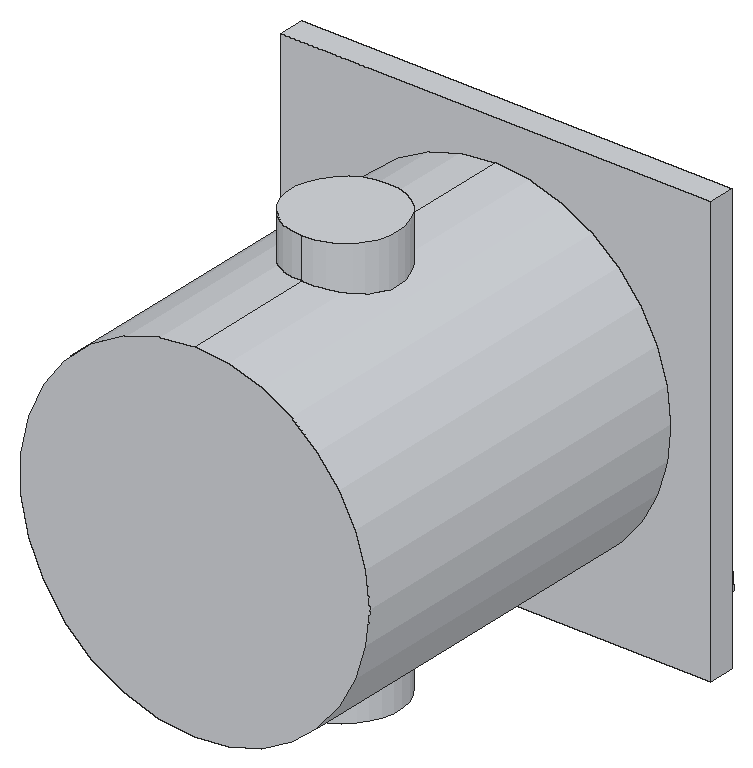
Revit family "NRG_Anzeigeeinheit_V1700", category Notrufgeräte, Revit 2017
Family settings
  Beschriftungsausrichtung beibehalten = Nein
  Bemaßung runder Anschluss = Durchmesser verwenden
  Teiletyp = Schalter
  OmniClass-Nummer = 23.85.50.00
  OmniClass-Titel = Communication Systems
  Arbeitsebenenbasiert = Nein
  Immer vertikal = Ja
  Beim Laden mit Abzugskörper schneiden = Nein
  Gemeinsam genutzt = Nein
  Raumberechnungspunkt = Nein
Parameters (values of type "Zimmersignalleuchte")
  pbr_Material_KZ = ""
  pbr_Material = none
  pbr_E_Typ = ""
  pbr_E_KZ = ""
  pbr_DINBild = 0
  pbr_Bild = 0
  pbr_3Dx_Delta_Korrekturversatz [instance] = 0 mm
  pbr_3DX_Versatzfaktor [instance] = 0
  pbr_2DY_Versatzfaktor [instance] = 0
  pbr_2DX_Versatzfaktor [instance] = 0
  lfd_STRK [instance] = 0
  cpiFitMatchKey [instance] = "E-DS"
  Zimmerterminal = yes
  Zentrale [instance] = ""
  Typ [instance] = ""
  Text3 [instance] = ""
  Text2 [instance] = ""
  Text1 [instance] = ""
  Schaltgruppe2 [instance] = 0
  Schaltgruppe1 [instance] = 0
  Planungsbüro Rohling = "www.pbr.de"
  Notrufanzeige = no
  Netzart = ""
  Menge(Dosenzahl) [instance] = 0
  Linie/Anschluss [instance] = ""
  Lastklassifizierung = none
  Installationsart [instance] = ""
  Info [instance] = ""
  IFC = ""
  Gruppensignalleuchte = no
  Gewerk [instance] = "SR"
  Elektronikmodul = no
  Eckversatz [instance] = 0 mm
  YFrontversatz [instance] = if(pbr_2DY_Versatzfaktor = 300, 0 mm, pbr_2DY_Versatzfaktor * 300 mm)  # 0 mm
  XSeitenversatz [instance] = if(pbr_2DX_Versatzfaktor = 0, 3000 mm, 3000 mm + (pbr_2DX_Versatzfaktor * 300 mm)) + Eckversatz  # 3000 mm
  R_Leerrohranschluss = 10 mm
  Niveau [instance] = 1100 mm
  Dosentiefe = 70 mm  # constant formula
  Dosenradius = 65 mm / 2  # 32.5 mm
  Display = no
  Dienstzimmeranzeige = no
  D_Leerrohranschluss = 2 * R_Leerrohranschluss  # 20 mm
  Breite = 80 mm
  3DX_Versatzkontrolle [instance] = if(pbr_3DX_Versatzfaktor = 0, (pbr_2DX_Versatzfaktor * -1), (((-1 * pbr_3DX_Versatzfaktor) + pbr_2DX_Versatzfaktor) * -1))  # 0
  3DX_Versatz [instance] = if([3DX_Versatzkontrolle] = 0, 2000 mm, 2000 mm + ([3DX_Versatzkontrolle] * (300 mm - Breite))) + pbr_3Dx_Delta_Korrekturversatz  # 2000 mm
  Platzierrahmen [instance] = no
Types (8, lengths in mm): name | cpiFitMatchKey | Zimmerterminal | Notrufanzeige | Gruppensignalleuchte | Elektronikmodul | Niveau | Display | Dienstzimmeranzeige
  Dienstzimmeranzeige | "E-DS" | no | no | no | no | 1100 | no | yes
  Display | "E-DS" | no | no | no | no | 1100 | yes | no
  Elektronikmodul | "E-DS" | no | no | no | yes | 1100 | no | no
  Gruppensignalanzeige | "E-DS" | no | no | yes | no | 1100 | no | no
  Notrufanzeige | "E-DS" | no | yes | no | no | 1100 | no | no
  Zimmersignalleuchte | "E-DS" | yes | no | no | no | 1100 | no | no
  Gruppensignalleuchte | "BM EMA" | no | no | yes | no | 1200 | no | no
  Elektronikmodul_Anzeigeeinheit | "BM EMA" | no | no | no | yes | 1200 | no | no
Reference planes
  plane 1 "Mitte (Vorne/Hinten)": y = 0
  plane 2: z = 0
  plane 3 "Mitte (Links/Rechts)": x = 0
  plane 4: x = -125
  plane 5: x = 125
  plane 6: y = 300
  plane 7 "Schalterhinten": y = 0
  plane 8: x = 0
  plane 9: x = -2000
  plane 10: x = -40
  plane 11: x = 40
  plane 12: z = 1140
  plane 13: z = 1060
  plane 14 "SchalterVorne": y = 5
  plane 15 "3DSchalterMitte": x = 0
  plane 16: z = 1100
  plane 17: y = -70
  plane 18: y = -35
Forms (mm)
  Extrusion 1, solid
    sketch origin (0, 20, 0) x (0, 0, 1) y (-1, 0, 0)
      loop
        line (1060, 40) -> (1060, -40) -> (1140, -40) -> (1140, 40) -> (1060, 40)
    from 15 to 20
  Sweep 2, solid
    path origin (0, 0, 0) x (0, 0, 1) y (0, -1, 0)
      loop
        line (1100, 0) -> (1100, 70)
    profile origin (0, -35, 1100) x (0, 0, -1) y (1, 0, 0)
      loop
        circle (0, 0) r 32.5
  Sweep 3, solid
    path origin (0, 0, 0) x (1, 0, 0) y (0, 1, 0)
      loop
        line (-32.5, 0) -> (32.5, 0)
    profile origin (0, 0, 0) x (0, 1, 0) y (0, 0, 1)
      loop
        line (5, 1135) -> (5, 1066.102) -> (14.712, 1066.102) -> (7.47, 1135) -> (5, 1135)
  Sweep 4, solid
    path origin (0, 0, 0) x (0, 0, 1) y (0, -1, 0)
      loop
        line (1060, 35) -> (1140, 35)
    profile origin (0, -35, 1100) x (0, -1, 0) y (1, 0, 0)
      loop
        circle (0, 0) r 10
Cuts and joins
  joined: Sweep 2, Sweep 4
  joined: Extrusion 1, Sweep 3
Lines and regions (mm)
  model lines, visible <- "Platzierrahmen"
    curve 1: line (-125, 0, 0) -> (125, 0, 0)
    curve 2: line (-125, 300, 0) -> (-125, 0, 0)
    curve 3: line (125, 300, 0) -> (-125, 300, 0)
    curve 4: line (125, 0, 0) -> (125, 300, 0)
Dimensions and locks
  plane 4 to plane 5 = 250 mm
  plane 6 to plane 7 "Schalterhinten" = 300 mm
  equal spacing: plane 4, plane 8, plane 5, locked at 125 each
  "YFrontversatz": plane 1 "Mitte (Vorne/Hinten)" to plane 7 "Schalterhinten"
  plane 11 to plane 10 = 80 mm
  plane 12 to plane 13 = 80 mm
  plane 8 to plane 9 = 2000 mm
  equal spacing: plane 11, plane 15 "3DSchalterMitte", plane 10
  equal spacing: plane 12, plane 16, plane 13
  "Niveau": plane 16 to level
  "Dosentiefe": plane 1 "Mitte (Vorne/Hinten)" to plane 17
  plane 14 "SchalterVorne" to plane 1 "Mitte (Vorne/Hinten)" = 5 mm
  equal spacing: plane 17, plane 18, plane 1 "Mitte (Vorne/Hinten)"
  Sweep 3 sketch curve to plane 12 = 5 mm
  "3DX_Versatz": plane 15 "3DSchalterMitte" to plane 9
  locked: plane 8 to plane 9 at 2000
  "Breite": plane 11 to plane 10
  "Dosenradius": radius of Sweep 2 sketch curve
  "R_Leerrohranschluss": radius of Sweep 4 sketch curve
  aligned and locked: level to plane 2
  aligned and locked: curve 1 to plane 7 "Schalterhinten"
  aligned and locked: curve 2 to plane 4
  aligned and locked: curve 3 to plane 6
  aligned and locked: plane 5 to curve 4
  aligned and locked: plane 13 to Extrusion 1 sketch curve
  aligned and locked: Extrusion 1 sketch curve to plane 10
  aligned and locked: Extrusion 1 sketch curve to plane 12
  aligned and locked: plane 11 to Extrusion 1 sketch curve
  aligned and locked: Extrusion 1 to plane 1 "Mitte (Vorne/Hinten)"
  aligned and locked: Extrusion 1 to plane 14 "SchalterVorne"
  aligned and locked: plane 3 "Mitte (Links/Rechts)" to nested 3
  aligned and locked: nested 3 to plane 7 "Schalterhinten"
  aligned and locked: plane 3 "Mitte (Links/Rechts)" to nested 4
  aligned and locked: nested 4 to plane 7 "Schalterhinten"
  aligned and locked: plane 3 "Mitte (Links/Rechts)" to nested 5
  aligned and locked: nested 5 to plane 7 "Schalterhinten"
  aligned and locked: plane 3 "Mitte (Links/Rechts)" to nested 6
  aligned and locked: nested 6 to plane 7 "Schalterhinten"
  aligned and locked: plane 3 "Mitte (Links/Rechts)" to nested 1
  aligned and locked: nested 1 to plane 7 "Schalterhinten"
  aligned and locked: plane 3 "Mitte (Links/Rechts)" to nested 2
  aligned and locked: nested 2 to plane 7 "Schalterhinten"
Automatic sketch dimensions
  Sweep 2 sketch curve to plane 16 = 0 mm
  Sweep 2 sketch curve to plane 1 "Mitte (Vorne/Hinten)" = 0 mm
  Sweep 2 sketch curve to plane 17 = 0 mm
  plane 1 "Mitte (Vorne/Hinten)" to Sweep 3 sketch curve = 0 mm
  plane 10 to Sweep 3 sketch curve = 7.5 mm
  Sweep 3 sketch curve to plane 11 = 7.5 mm
  Sweep 3 sketch curve to profile plane = 7.47 mm
  Sweep 3 sketch curve to profile plane = 14.712 mm
  Sweep 3 sketch curve to profile plane = 5 mm
  Sweep 3 sketch curve to Sweep 3 sketch curve = 68.898 mm
  Sweep 4 sketch curve to plane 13 = 0 mm
  plane 12 to Sweep 4 sketch curve = 0 mm
  Sweep 4 sketch curve to plane 18 = 0 mm
  Sweep 2 sketch curve to plane 15 "3DSchalterMitte" = 0 mm
  Sweep 2 sketch curve to profile plane = 0 mm
  Sweep 4 sketch curve to plane 15 "3DSchalterMitte" = 0 mm
  Sweep 4 sketch curve to profile plane = 0 mm
Nested families
  nested 1: "Dienstzimmeranzeige" at (0, 0, 0), visible <- "Dienstzimmeranzeige", type "Dienstzimmeranzeige"
    with Winkel 90.00°
  nested 2: "Display" at (0, 0, 0), visible <- "Display", type "Display"
  nested 3: "Elektronikmodul mit Anzeigeeinheit" at (0, 0, 0), visible <- "Elektronikmodul", type "Elektronikmodul mit Anzeigeeinheit"
    with Winkel 90.00°
  nested 4: "Gruppensignalleuchte" at (0, 0, 0), visible <- "Gruppensignalleuchte", type "Gruppensignalleuchte"
    with Winkel 90.00°
  nested 5: "Notrufanzeige" at (0, 0, 0), visible <- "Notrufanzeige", type "Notrufanzeige"
    with Winkel 90.00°
  nested 6: "Zimmerterminal" at (0, 0, 0), visible <- "Zimmerterminal", type "Zimmerterminal"
    with Winkel 90.00°
Connectors
  electrical at (0, -35, 1140)
    settings: on cut or joined group of Sweep 2, Sweep 4, index 3, voltage 230 V, apparent load 0 VA, apparent load phase1 0 VA, apparent load phase2 0 VA, apparent load phase3 0 VA, power factor 1, load classification "Standard", number of poles 1, system type 31, power factor state 1, is connector primary yes, connector utility no, sub classification motor no, connector description ""
  cabletrayconduit at (0, -35, 1140), diameter 20, driven by "D_Leerrohranschluss"
    settings: on cut or joined group of Sweep 2, Sweep 4, index 4, connector width 300 mm, connector height 300 mm, connector angle 0.00°, system type 32, placement type 0, profile type 0, connector reference index -1, is primary connector yes, connector utility param no, connector description ""
  cabletrayconduit at (0, -35, 1060), diameter 20, driven by "D_Leerrohranschluss"
    settings: on cut or joined group of Sweep 2, Sweep 4, index 5, connector width 300 mm, connector height 300 mm, connector angle 0.00°, system type 32, placement type 0, profile type 0, connector reference index -1, is primary connector no, connector utility param no, connector description ""
Definition of nested family "Dienstzimmeranzeige"
  Parameters (values of type "Dienstzimmeranzeige")
    Winkel [instance] = 90.00°
    D = yes
    A = yes
  Reference planes
    plane 1 "Mitte (Vorne/Hinten)": y = 0
    plane 2: z = 0
    plane 3 "Mitte (Links/Rechts)": x = 0
  Lines and regions (mm)
    Filled region 1, type "Beton", in view "Referenzebene", visible <- "A"
      outline origin (2070.246, -896.245, 0) x (1, 0, 0) y (0, 1, 0)
        loop
          line (-2102.291, 942.626) -> (-2077.464, 942.626) -> (-2057.901, 996.376) -> (-1983.637, 996.376) -> (-1962.821, 942.626) -> (-1936.216, 942.626) -> (-2008.949, 1120.011) -> (-2033.949, 1120.011) -> (-2102.291, 942.626)
        loop
          line (-2051.01, 1015.307) -> (-1990.968, 1015.307) -> (-2022.201, 1101.118) -> (-2051.01, 1015.307)
    Filled region 2, type "Beton", in view "Referenzebene", visible <- "D"
      outline origin (1444.333, -896.321, 0) x (1, 0, 0) y (0, 1, 0)
        loop
          line (-1579.606, 1120.011) -> (-1579.606, 942.626) -> (-1514.73, 942.626)
          spline (-1514.73, 942.626) -> (-1486.192, 945.867) -> (-1466.08, 954.456) -> (-1450.87, 969.19) -> (-1440.463, 988.281) -> (-1434.65, 1009.899) -> (-1432.952, 1031.093) -> (-1434.248, 1052.074) -> (-1439.649, 1073.884) -> (-1450.554, 1094.023) -> (-1465.775, 1108.52) -> (-1485.479, 1117.154) -> (-1511.238, 1120.011)
          line (-1511.238, 1120.011) -> (-1579.606, 1120.011)
        loop
          line (-1556.171, 963.685) -> (-1513.712, 963.685)
          spline (-1513.712, 963.685) -> (-1507.122, 964.028) -> (-1502.078, 964.498) -> (-1498.256, 965.042) -> (-1495.33, 965.605) -> (-1492.98, 966.153) -> (-1490.915, 966.752) -> (-1488.852, 967.498) -> (-1486.509, 968.489) -> (-1483.626, 969.821) -> (-1480.286, 971.617) -> (-1476.855, 974.015) -> (-1473.708, 977.156)
          spline (-1473.708, 977.156) -> (-1463.315, 994.174) -> (-1459.555, 1006.254) -> (-1457.481, 1019.417) -> (-1456.828, 1032.796) -> (-1457.198, 1044.073) -> (-1459.54, 1058.845) -> (-1463.156, 1069.752) -> (-1470.015, 1081.077) -> (-1478.837, 1090.075) -> (-1489.758, 1095.98) -> (-1502.9, 1098.466) -> (-1516.171, 1099.08)
          line (-1516.171, 1099.08) -> (-1556.171, 1099.08) -> (-1556.171, 963.685)
    detail lines, in view "Referenzebene"
      curve 1: line (-135.331, 270, 0) -> (134.669, 270, 0)
      curve 2: line (134.669, 270, 0) -> (134.669, 0, 0)
      curve 3: line (134.669, 0, 0) -> (-135.331, 0, 0)
      curve 4: line (-135.331, 0, 0) -> (-135.331, 270, 0)
Definition of nested family "Display"
  Reference planes
    plane 1 "Mitte (Vorne/Hinten)": y = 0
    plane 2: z = 0
    plane 3 "Mitte (Links/Rechts)": x = 0
  Lines and regions (mm)
    Filled region 1, type "Beton", in view "Referenzebene"
      outline origin (0, 0, 0) x (1, 0, 0) y (0, 1, 0)
        loop
          spline (-187.274, 95.667) -> (-165.732, 100.201) -> (-153.532, 110.316) -> (-145.591, 123.676) -> (-140.776, 137.756) -> (-138.48, 150.873) -> (-137.928, 163.651) -> (-138.424, 176.782) -> (-139.798, 189.438) -> (-142.455, 201.054) -> (-148.292, 213.766) -> (-160.982, 228.083) -> (-189.887, 235.667)
          line (-189.887, 235.667) -> (-229.887, 235.667) -> (-229.887, 95.667) -> (-187.274, 95.667)
        loop
          line (-193.356, 218.809) -> (-215.617, 218.809) -> (-215.617, 112.501) -> (-185.617, 112.501)
          spline (-185.617, 112.501) -> (-169.297, 116.65) -> (-160.663, 126.547) -> (-156.095, 138.537) -> (-153.762, 150.863) -> (-152.965, 162.967) -> (-153.166, 174.374) -> (-154.315, 184.808) -> (-156.486, 194.075) -> (-160.043, 202.488) -> (-165.572, 210.475) -> (-173.922, 216.251) -> (-193.356, 218.809)
    Filled region 2, type "Beton", in view "Referenzebene"
      outline origin (0, 0, 0) x (1, 0, 0) y (0, 1, 0)
        loop
          line (-120.607, 235.05) -> (-120.607, 215.322) -> (-106.806, 215.322) -> (-106.806, 235.05) -> (-120.607, 235.05)
        loop
          line (-120.607, 196.533) -> (-120.607, 95.53) -> (-106.729, 95.53) -> (-106.729, 196.533) -> (-120.607, 196.533)
    Filled region 3, type "Beton", in view "Referenzebene"
      outline origin (0, 0, 0) x (1, 0, 0) y (0, 1, 0)
        loop
          line (-42.367, 168.318) -> (-28.87, 170.697)
          spline (-28.87, 170.697) -> (-43.815, 195.285) -> (-63.181, 198.728) -> (-78.574, 193.958) -> (-88.606, 181.163) -> (-89.759, 162.24) -> (-81.028, 148.175) -> (-63.356, 139.966) -> (-46.891, 134.1) -> (-39.963, 121.048) -> (-50.24, 108.373) -> (-68.936, 109.518) -> (-79.296, 128.315)
          line (-79.296, 128.315) -> (-92.816, 125.687)
          spline (-92.816, 125.687) -> (-75.298, 96.605) -> (-60.974, 93.24) -> (-43.801, 96.237) -> (-30.07, 108.637) -> (-25.686, 125.863) -> (-29.488, 141.012) -> (-43.483, 151.256) -> (-63.123, 158.208) -> (-76.077, 166.526) -> (-73.864, 180.464) -> (-56.953, 184.609) -> (-42.367, 168.318)
    Filled region 4, type "Beton", in view "Referenzebene"
      outline origin (0, 0, 0) x (1, 0, 0) y (0, 1, 0)
        loop
          line (1.576, 183.517) -> (1.576, 196.542) -> (-11.025, 196.542) -> (-11.025, 56.542) -> (2.715, 56.542) -> (2.715, 106.053)
          spline (2.715, 106.053) -> (21.179, 93.24) -> (36.859, 96.558) -> (47.469, 105.305) -> (53.898, 116.672) -> (58.098, 130.713) -> (59.261, 147.476) -> (57.434, 164.333) -> (53.284, 177.799) -> (46.532, 188.556) -> (35.812, 196.426) -> (19.962, 198.148) -> (1.576, 183.517)
        loop
          spline (23.086, 107.643) -> (28.784, 108.976) -> (34.093, 112.885) -> (38.652, 119.104) -> (42.151, 127.209) -> (44.35, 136.646) -> (45.1, 146.775) -> (44.35, 156.903) -> (42.151, 166.34) -> (38.652, 174.445) -> (34.093, 180.664) -> (28.784, 184.573) -> (23.086, 185.906)
          spline (23.086, 185.906) -> (17.388, 184.573) -> (12.079, 180.664) -> (7.52, 174.445) -> (4.021, 166.34) -> (1.822, 156.903) -> (1.072, 146.775) -> (1.822, 136.646) -> (4.021, 127.209) -> (7.52, 119.104) -> (12.079, 112.885) -> (17.388, 108.976) -> (23.086, 107.643)
    Filled region 5, type "Beton", in view "Referenzebene"
      outline origin (0, 0, 0) x (1, 0, 0) y (0, 1, 0)
        loop
          line (73.912, 235.149) -> (73.912, 95.519) -> (87.822, 95.519) -> (87.822, 235.149) -> (73.912, 235.149)
    Filled region 6, type "Beton", in view "Referenzebene"
      outline origin (0, 0, 0) x (1, 0, 0) y (0, 1, 0)
        loop
          spline (118.831, 165.445) -> (120.797, 173.269) -> (122.929, 177.249) -> (125.922, 180.795) -> (129.766, 182.933) -> (133.769, 184.08) -> (137.685, 184.632) -> (141.991, 184.626) -> (146.627, 183.933) -> (150.98, 182.3) -> (154.681, 179.662) -> (157.57, 175.713) -> (159.406, 166.478)
          line (159.406, 166.478) -> (159.406, 159.534)
          spline (159.406, 159.534) -> (142.362, 154.936) -> (128.612, 152.723) -> (117.18, 148.792) -> (108.939, 141.566) -> (104.626, 133.171) -> (102.836, 123.64) -> (104.083, 112.522) -> (108.75, 102.849) -> (115.987, 96.543) -> (125.201, 93.396) -> (137.607, 93.943) -> (157.124, 104.608)
          line (157.124, 104.608) -> (160.268, 108.099)
          spline (160.268, 108.099) -> (160.432, 106.954) -> (160.603, 105.82) -> (160.782, 104.7) -> (160.971, 103.595) -> (161.171, 102.507) -> (161.383, 101.438) -> (161.609, 100.389) -> (161.85, 99.363) -> (162.108, 98.361) -> (162.385, 97.385) -> (162.681, 96.437) -> (162.999, 95.519)
          line (162.999, 95.519) -> (177.52, 95.519)
          spline (177.52, 95.519) -> (173.323, 110.852) -> (172.914, 123.163) -> (172.92, 140.375) -> (172.985, 158.315) -> (172.757, 172.058) -> (170.799, 182.485) -> (165.335, 191.092) -> (154.947, 197.028) -> (141.418, 198.902) -> (128.358, 197.111) -> (116.171, 190.581) -> (105.267, 167.837)
          line (105.267, 167.837) -> (118.831, 165.445)
        loop
          spline (159.144, 146.244) -> (145.42, 141.531) -> (137.169, 139.722) -> (127.685, 137.64) -> (120.438, 132.486) -> (117.588, 124.89) -> (118.208, 117.52) -> (122.223, 110.691) -> (128.729, 107.093) -> (136.535, 106.782) -> (145.203, 109.541) -> (154.465, 117.711) -> (159.144, 137.582)
          line (159.144, 137.582) -> (159.144, 146.244)
    Filled region 7, type "Beton", in view "Referenzebene"
      outline origin (0, 0, 0) x (1, 0, 0) y (0, 1, 0)
        loop
          line (222.488, 114.683) -> (199.811, 196.602) -> (184.811, 196.602) -> (215.765, 95.358) -> (213.177, 85.699)
          spline (213.177, 85.699) -> (211.476, 80.95) -> (209.71, 77.412) -> (207.908, 74.896) -> (206.1, 73.212) -> (204.318, 72.17) -> (202.592, 71.581) -> (200.952, 71.253) -> (199.39, 71.049) -> (197.759, 71.01) -> (195.884, 71.219) -> (193.588, 71.758) -> (190.694, 72.708)
          line (190.694, 72.708) -> (192.223, 56.639)
          spline (192.223, 56.639) -> (197.286, 55.035) -> (200.919, 54.516) -> (203.64, 54.675) -> (205.895, 55.148) -> (207.811, 55.792) -> (209.422, 56.532) -> (210.83, 57.374) -> (212.26, 58.469) -> (213.949, 59.987) -> (216.01, 62.289) -> (218.384, 66.011) -> (220.998, 71.81)
          line (220.998, 71.81) -> (259.139, 196.565) -> (245.333, 196.565) -> (222.488, 114.683)
    detail lines, in view "Referenzebene"
      curve 1: arc (-241.436, 300, 0) -> (-391.436, 150, 0) -> (-241.436, 0, 0) r 150
      curve 2: arc (258.564, 0, 0) -> (408.564, 150, 0) -> (258.564, 300, 0) r 150
      curve 3: line (-241.436, 0, 0) -> (258.564, 0, 0)
      curve 4: line (258.564, 300, 0) -> (-241.436, 300, 0)
Definition of nested family "Elektronikmodul mit Anzeigeeinheit"
  Parameters (values of type "Elektronikmodul mit Anzeigeeinheit")
    Winkel [instance] = 90.00°
    M = yes
    E = yes
  Reference planes
    plane 1 "Mitte (Vorne/Hinten)": y = 0
    plane 2: z = 0
    plane 3 "Mitte (Links/Rechts)": x = 0
  Lines and regions (mm)
    Filled region 1, type "Beton", in view "Referenzebene", visible <- "E"
      outline origin (1186.392, -634.252, 0) x (1, 0, 0) y (0, 1, 0)
        loop
          line (-1332.16, 867.688) -> (-1332.16, 690.303) -> (-1199.703, 690.303) -> (-1199.703, 711.252) -> (-1308.639, 711.252) -> (-1308.639, 771.689) -> (-1210.489, 771.689) -> (-1210.489, 792.453) -> (-1308.639, 792.453) -> (-1308.639, 846.825) -> (-1203.853, 846.825) -> (-1203.853, 867.688) -> (-1332.16, 867.688)
    Filled region 2, type "Beton", in view "Referenzebene", visible <- "M"
      outline origin (222.221, -886.496, 0) x (1, 0, 0) y (0, 1, 0)
        loop
          line (-213.693, 942.626) -> (-213.693, 1096.081) -> (-162.227, 942.626) -> (-140.741, 942.626) -> (-89.682, 1090.913) -> (-89.682, 942.626) -> (-66.978, 942.626) -> (-66.978, 1120.011) -> (-98.249, 1120.011) -> (-150.482, 968.315) -> (-201.357, 1120.011) -> (-236.357, 1120.011) -> (-236.357, 942.626) -> (-213.693, 942.626)
    detail lines, in view "Referenzebene"
      curve 1: line (-147.525, 285, 0) -> (157.475, 285, 0)
      curve 2: line (157.475, 285, 0) -> (157.475, 0, 0)
      curve 3: line (157.475, 0, 0) -> (-147.525, 0, 0)
      curve 4: line (-147.525, 0, 0) -> (-147.525, 285, 0)
Definition of nested family "Gruppensignalleuchte"
  Parameters (values of type "Gruppensignalleuchte")
    Winkel [instance] = 90.00°
    S = yes
    G = yes
  Reference planes
    plane 1 "Mitte (Vorne/Hinten)": y = 0
    plane 2: z = 0
    plane 3 "Mitte (Links/Rechts)": x = 0
  Lines and regions (mm)
    Filled region 1, type "Beton", in view "Referenzebene", visible <- "G"
      outline origin (951.07, -886.69, 0) x (1, 0, 0) y (0, 1, 0)
        loop
          spline (-955.424, 978.799) -> (-983.768, 964.386) -> (-1011.587, 960.95) -> (-1039.493, 968.227) -> (-1059.93, 985.572) -> (-1070.436, 1011.874) -> (-1071.916, 1039.341) -> (-1065.68, 1066.833) -> (-1049.749, 1089.513) -> (-1024.185, 1101.537) -> (-996.623, 1102.185) -> (-970.822, 1091.227) -> (-956.079, 1064.679)
          line (-956.079, 1064.679) -> (-934.89, 1070.48)
          spline (-934.89, 1070.48) -> (-955.29, 1106.617) -> (-990.907, 1121.831) -> (-1029.23, 1121.084) -> (-1063.548, 1106.282) -> (-1087.048, 1075.578) -> (-1096.062, 1039.021) -> (-1091.808, 999.173) -> (-1074.305, 966.833) -> (-1040.24, 945.218) -> (-1004.002, 939.667) -> (-966.67, 947.108) -> (-932.414, 967.321)
          line (-932.414, 967.321) -> (-932.414, 1033.057) -> (-1007.414, 1033.057) -> (-1007.414, 1012.153) -> (-955.424, 1012.153) -> (-955.424, 978.799)
    Filled region 2, type "Beton", in view "Referenzebene", visible <- "S"
      outline origin (-845.229, -885.354, 0) x (1, 0, 0) y (0, 1, 0)
        loop
          line (972.221, 1068.432) -> (994.477, 1070.112)
          spline (994.477, 1070.112) -> (976.447, 1108.505) -> (941.781, 1121.93) -> (902.906, 1118.692) -> (872.929, 1097.425) -> (869.039, 1060.307) -> (893.468, 1034.642) -> (932.469, 1022.864) -> (967.765, 1009.97) -> (973.053, 976.363) -> (939.711, 960.929) -> (902.2, 967.846) -> (880.988, 1001.585)
          line (880.988, 1001.585) -> (858.749, 999.639)
          spline (858.749, 999.639) -> (876.287, 958.742) -> (909.654, 941.932) -> (949.009, 940.548) -> (983.234, 955.778) -> (999.995, 989.715) -> (987.173, 1024.325) -> (953.826, 1041.372) -> (913.402, 1051.853) -> (888.267, 1074.109) -> (911.07, 1100.593) -> (949.686, 1099.437) -> (972.221, 1068.432)
    detail lines, in view "Referenzebene"
      curve 1: line (-147.525, 285, 0) -> (157.475, 285, 0)
      curve 2: line (157.475, 285, 0) -> (157.475, 0, 0)
      curve 3: line (157.475, 0, 0) -> (-147.525, 0, 0)
      curve 4: line (-147.525, 0, 0) -> (-147.525, 285, 0)
Definition of nested family "Notrufanzeige"
  Parameters (values of type "Notrufanzeige")
    Winkel [instance] = 90.00°
    N = yes
    A = yes
  Reference planes
    plane 1 "Mitte (Vorne/Hinten)": y = 0
    plane 2: z = 0
    plane 3 "Mitte (Links/Rechts)": x = 0
  Lines and regions (mm)
    Filled region 1, type "Beton", in view "Referenzebene", visible <- "N"
      outline origin (-113.735, -892.985, 0) x (1, 0, 0) y (0, 1, 0)
        loop
          line (-31.527, 942.626) -> (-8.588, 942.626) -> (-8.588, 1081.276) -> (84.291, 942.626) -> (108.208, 942.626) -> (108.208, 1120.011) -> (85.777, 1120.011) -> (85.777, 980.934) -> (-7.388, 1120.011) -> (-31.527, 1120.011) -> (-31.527, 942.626)
    Filled region 2, type "Beton", in view "Referenzebene", visible <- "A"
      outline origin (2091.052, -892.906, 0) x (1, 0, 0) y (0, 1, 0)
        loop
          line (-2102.291, 942.626) -> (-2077.464, 942.626) -> (-2057.901, 996.376) -> (-1983.637, 996.376) -> (-1962.821, 942.626) -> (-1936.216, 942.626) -> (-2008.949, 1120.011) -> (-2033.949, 1120.011) -> (-2102.291, 942.626)
        loop
          line (-2051.01, 1015.307) -> (-1990.968, 1015.307) -> (-2022.201, 1101.118) -> (-2051.01, 1015.307)
    detail lines, in view "Referenzebene"
      curve 1: line (-147.525, 285, 0) -> (157.475, 285, 0)
      curve 2: line (157.475, 285, 0) -> (157.475, 0, 0)
      curve 3: line (157.475, 0, 0) -> (-147.525, 0, 0)
      curve 4: line (-147.525, 0, 0) -> (-147.525, 285, 0)
Definition of nested family "Zimmerterminal"
  Parameters (values of type "Zimmerterminal")
    Z = yes
    Winkel [instance] = 90.00°
    I = yes
    Geräteanschluss = yes
  Reference planes
    plane 1 "Mitte (Vorne/Hinten)": y = 0
    plane 2: z = 0
    plane 3 "Mitte (Links/Rechts)": x = 0
    plane 4: x = 0
    plane 5: y = 0
  Lines and regions (mm)
    Filled region 1, type "Beton", in view "Referenzebene", visible <- "Z"
      outline origin (-2171.614, -902.705, 0) x (1, 0, 0) y (0, 1, 0)
        loop
          line (2073.449, 1120.011) -> (2073.449, 1099.19) -> (2173.479, 1099.19) -> (2063.348, 963.19) -> (2063.348, 942.626) -> (2203.348, 942.626) -> (2203.348, 963.19) -> (2090.349, 963.19) -> (2200.481, 1099.19) -> (2200.481, 1120.011) -> (2073.449, 1120.011)
    Filled region 2, type "Beton", in view "Referenzebene", visible <- "I"
      outline origin (793.725, -902.802, 0) x (1, 0, 0) y (0, 1, 0)
        loop
          line (-695.436, 1120.011) -> (-718.732, 1120.011) -> (-718.732, 942.626) -> (-695.436, 942.626) -> (-695.436, 1120.011)
    detail lines, in view "Referenzebene", visible <- "Geräteanschluss"
      curve 1: line (-132, 264, 0) -> (132, 264, 0)
      curve 2: line (-132, 0, 0) -> (-132, 264, 0)
      curve 3: line (132, 0, 0) -> (-132, 0, 0)
      curve 4: line (132, 264, 0) -> (132, 0, 0)
